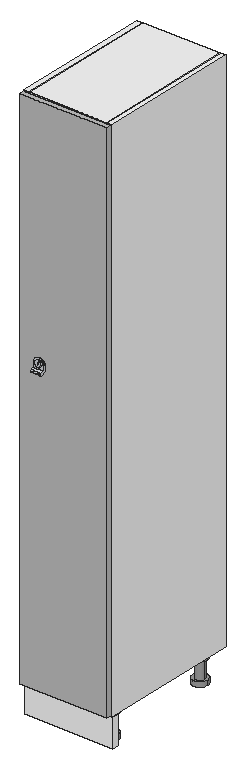
Revit family "1900H Locker Standard 1,2,3 Door", category Casework, Revit 2016 (continued)
Definition of nested family "E4 Lock"
  Automatic sketch dimensions
    Extrusion 18 sketch curve to plane 36 = 0 mm
    Extrusion 19 sketch curve to plane 27 = 0 mm
    Extrusion 19 sketch curve to plane 35 = 0 mm
    Extrusion 19 sketch curve to plane 26 = 0 mm
    Extrusion 19 sketch curve to plane 33 = 0 mm
    Extrusion 20 sketch curve to plane 27 = 0 mm
    Extrusion 20 sketch curve to plane 34 = 0 mm
    Extrusion 20 sketch curve to plane 26 = 0 mm
    Extrusion 20 sketch curve to plane 36 = 0 mm
    Extrusion 21 sketch curve to plane 38 = 0 mm
    Extrusion 21 sketch curve to plane 37 = 0 mm
    Extrusion 21 sketch curve to plane 40 = 0 mm
    Extrusion 21 sketch curve to plane 39 = 0 mm
    Extrusion 22 sketch curve to plane 31 = 0 mm
    Extrusion 22 sketch curve to plane 38 = 0 mm
    Extrusion 22 sketch curve to plane 29 = 0 mm
    Extrusion 22 sketch curve to plane 37 = 0 mm
    Extrusion 23 sketch curve to plane 41 = 0 mm
    Extrusion 23 sketch curve to plane 42 = 0 mm
    Extrusion 24 sketch curve to plane 3 "Center (Left/Right)" = 0 mm
    Extrusion 24 sketch curve to plane 41 = 0 mm
    Extrusion 25 sketch curve to plane 41 = 0 mm
    Extrusion 25 sketch curve to plane 43 = 0 mm
    Extrusion 26 sketch curve to plane 32 = 0 mm
    Extrusion 26 sketch curve to plane 37 = 0 mm
    Extrusion 26 sketch curve to plane 38 = 0 mm
    Extrusion 26 sketch curve to plane 30 = 0 mm
    Extrusion 27 sketch curve to plane 32 = 0 mm
    Extrusion 27 sketch curve to plane 37 = 0 mm
    Extrusion 27 sketch curve to plane 46 = 0 mm
    Extrusion 28 sketch curve to plane 45 = 0 mm
    Extrusion 28 sketch curve to plane 32 = 0 mm
    Extrusion 28 sketch curve to plane 46 = 0 mm
    Extrusion 29 sketch curve to plane 30 = 0 mm
    Extrusion 29 sketch curve to plane 37 = 0 mm
    Extrusion 29 sketch curve to plane 47 = 0 mm
    Extrusion 30 sketch curve to plane 30 = 0 mm
    Extrusion 30 sketch curve to plane 45 = 0 mm
    Extrusion 30 sketch curve to plane 47 = 0 mm
    Extrusion 31 sketch curve to plane 3 "Center (Left/Right)" = 0 mm
    Extrusion 31 sketch curve to plane 48 = 0 mm
    radius of Extrusion 23 sketch curve = 1 mm
    radius of Extrusion 24 sketch curve = 0.982 mm
    radius of Extrusion 25 sketch curve = 1.013 mm
    radius of Extrusion 31 sketch curve = 7.5 mm
Types (28, lengths in mm): name | NominalWidth | ModelReference | M3 Lock 3d | M3 Lock 2d | M3 Lock 1d | E4 Lock 3d | E4 Lock 2d | E4 Lock 1d | Width | AB Lock 3d | AB Lock 2d | AB Lock 1d | 3 door | 2 door | 1 door
  (no name) | 300 | "LW319S1ABNP" | no | no | no | no | no | no | 300 | no | no | yes | no | no | yes
  LW319S3ABNP | 400 | "LW319S3ABNP" | no | no | no | no | no | no | 400 | yes | no | no | yes | no | no
  LW319S3E4NP | 300 | "LW319S3E4NP" | no | no | no | yes | no | no | 300 | no | no | no | yes | no | no
  LW319S3M3NP | 300 | "LW319S3M3NP" | yes | no | no | no | no | no | 300 | no | no | no | yes | no | no
  LW419S3ABNP | 400 | "LW419S3ABNP" | no | no | no | no | no | no | 400 | yes | no | no | yes | no | no
  LW419S3E4NP | 400 | "LW419S3E4NP" | no | no | no | yes | no | no | 400 | no | no | no | yes | no | no
  LW419S3M3NP | 400 | "LW419S3M3NP" | yes | no | no | no | no | no | 400 | no | no | no | yes | no | no
  LW519S3ABNP | 500 | "LW519S3ABNP" | no | no | no | no | no | no | 500 | yes | no | no | yes | no | no
  LW519S3E4NP | 500 | "LW519S3E4NP" | no | no | no | yes | no | no | 500 | no | no | no | yes | no | no
  LW519S3M3NP | 500 | "LW519S3M3NP" | yes | no | no | no | no | no | 500 | no | no | no | yes | no | no
  LW319S2ABNP | 300 | "LW319S2ABNP" | no | no | no | no | no | no | 300 | no | yes | no | no | yes | no
  LW319S2E4NP | 300 | "LW319S2E4NP" | no | no | no | no | yes | no | 300 | no | no | no | no | yes | no
  LW319S2M3NP | 300 | "LW319S2M3NP" | no | yes | no | no | no | no | 300 | no | no | no | no | yes | no
  LW419S2ABNP | 400 | "LW419S2ABNP" | no | no | no | no | no | no | 400 | no | yes | no | no | yes | no
  LW419S2E4NP | 400 | "LW419S2E4NP" | no | no | no | no | yes | no | 400 | no | no | no | no | yes | no
  LW419S2M3NP | 400 | "LW419S2M3NP" | no | yes | no | no | no | no | 400 | no | no | no | no | yes | no
  LW519S2ABNP | 500 | "LW519S2ABNP" | no | no | no | no | no | no | 500 | no | yes | no | no | yes | no
  LW519S2E4NP | 500 | "LW519S2E4NP" | no | no | no | no | yes | no | 500 | no | no | no | no | yes | no
  LW519S2M3NP | 500 | "LW519S2M3NP" | no | yes | no | no | no | no | 500 | no | no | no | no | yes | no
  LW319S1ABNP | 300 | "LW319S1ABNP" | no | no | no | no | no | no | 300 | no | no | yes | no | no | yes
  LW319S1M3NP | 300 | "LW319S1M3NP" | no | no | yes | no | no | no | 300 | no | no | no | no | no | yes
  LW319S1E4NP | 300 | "LW319S1E4NP" | no | no | no | no | no | yes | 300 | no | no | no | no | no | yes
  LW419S1ABNP | 400 | "LW419S1ABNP" | no | no | no | no | no | no | 400 | no | no | yes | no | no | yes
  LW419S1E4NP | 400 | "LW419S1E4NP" | no | no | no | no | no | yes | 400 | no | no | no | no | no | yes
  LW419S1M3NP | 400 | "LW419S1M3NP" | no | no | yes | no | no | no | 400 | no | no | no | no | no | yes
  LW519S1ABNP | 500 | "LW519S1ABNP" | no | no | no | no | no | no | 500 | no | no | yes | no | no | yes
  LW519S1E4NP | 500 | "LW519S1E4NP" | no | no | no | no | no | yes | 500 | no | no | no | no | no | yes
  LW519S1M3NP | 500 | "LW519S1M3NP" | no | no | yes | no | no | no | 500 | no | no | no | no | no | yes
